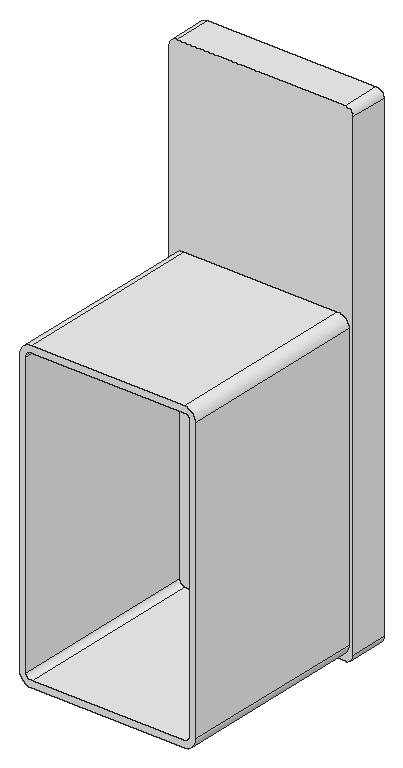
Revit family "rba-bim-rba1643-100", category Plumbing Fixtures, Revit 2016
Family settings
  Part Type = Normal
  Round Connector Dimension = Use Diameter
  Work Plane-Based = No
  Always vertical = No
  Cut with Voids When Loaded = No
  Shared = Yes
  Room Calculation Point = No
Parameters (values of type "RBA1643-100")
  Watermarked By = "www.rba.com.au"
  Waste Connection = yes
  Vent Connection = yes
  URL = ""
  Phone Number = "1300 788 778"
  Modified Issue = "20190225.01"
  Model = "RBA1643-100"
  Materials and Finishes = Chrome Plated Brass
  Manufacturer Model = ""
  Manufacturer = "RBA Group"  # constant formula
  HW Connection = yes
  Description = "äska Robe Hook"
  Copyright by = "RBA Group"  # constant formula
  CW Connection = yes
Reference planes
  plane 1 "Center (Front/Back)": y = 0
  plane 2: z = 0
  plane 3 "Center (Left/Right)": x = 0
Forms (mm)
  Extrusion 1, solid, material "Chrome Plated Brass" <- "Materials and Finishes"
    sketch origin (0, 0, 0) x (1, 0, 0) y (0, 0, 1)
      loop
        line (11, 65) -> (-11, 65)
        arc (-11, 65) -> (-11.707, 64.707) -> (-12, 64) r 1
        line (-12, 64) -> (-12, 1)
        arc (-12, 1) -> (-11.707, 0.293) -> (-11, 0) r 1
        line (-11, 0) -> (11, 0)
        arc (11, 0) -> (11.707, 0.293) -> (12, 1) r 1
        line (12, 1) -> (12, 64)
        arc (12, 64) -> (11.707, 64.707) -> (11, 65) r 1
    from 0 to 5
  Extrusion 2, solid, material "Chrome Plated Brass" <- "Materials and Finishes"
    sketch origin (0, 0, 0) x (1, 0, 0) y (0, 0, 1)
      loop
        line (-11.5, 39) -> (-11.5, 2)
        arc (-11.5, 2) -> (-11.061, 0.939) -> (-10, 0.5) r 1.5
        line (-10, 0.5) -> (10, 0.5)
        arc (10, 0.5) -> (11.061, 0.939) -> (11.5, 2) r 1.5
        line (11.5, 2) -> (11.5, 39)
        arc (11.5, 39) -> (11.061, 40.061) -> (10, 40.5) r 1.5
        line (10, 40.5) -> (-10, 40.5)
        arc (-10, 40.5) -> (-11.061, 40.061) -> (-11.5, 39) r 1.5
      loop
        line (-10, 1.3) -> (10, 1.3)
        arc (10, 1.3) -> (10.495, 1.505) -> (10.7, 2) r 0.7
        line (10.7, 2) -> (10.7, 39)
        arc (10.7, 39) -> (10.495, 39.495) -> (10, 39.7) r 0.7
        line (10, 39.7) -> (-10, 39.7)
        arc (-10, 39.7) -> (-10.495, 39.495) -> (-10.7, 39) r 0.7
        line (-10.7, 39) -> (-10.7, 2)
        arc (-10.7, 2) -> (-10.495, 1.505) -> (-10, 1.3) r 0.7
    from 5 to 30
Dimensions and locks
  aligned and locked: plane 2 to level
